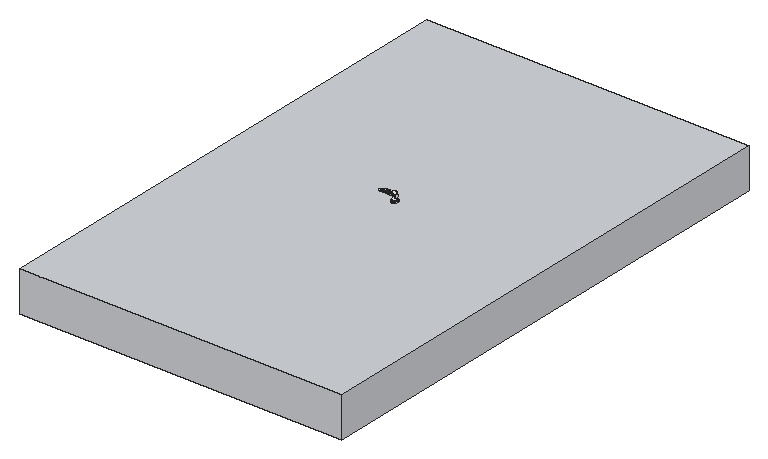
Revit family "Paper_Holder-GROHE-Seabury-40160_Series", category Generic Models, host Face, Revit 2014
Parameters (values of type "40160000")
  Width = 5 5/8"  # constant formula
  Warranty Documentation Link = "https://cdn.cloud.grohe.com/tpi/1000/1900/1940/1949/1949006/original/1949006.pdf"
  URL = "https://www.grohe.com"
  Type Comments = ""
  Shipping Weight = 1.102 lbf
  Product Page URL = "https://www.grohe.ca/en_ca/toilet-paper-holder-40160000.html"
  Price = "Prices may vary. Please consult Manufacturer Representative for most up-to-date price list."  # constant formula
  Model = "40160000"
  Material = "Metal-Grohe-000-Chrome"
  Manufacturer = "Grohe"
  Length = 3 5/8"  # constant formula
  Installation Type = "Wall Mounted"
  Height = 3 7/8"  # constant formula
  Finish = Metal-Grohe-000-Chrome
  Description = "Seabury Toilet paper holder"  # constant formula
  Default Elevation = 24"  # constant formula
  Creation Date = "07/27/2017"  # constant formula
  Assembly Code = "D2010710"
Types (4): name | Shipping Weight | Product Page URL | Model | Material | Finish
  40160000 | 1.102 lbf | "https://www.grohe.ca/en_ca/toilet-paper-holder-40160000.html" | "40160000" | "Metal-Grohe-000-Chrome" | Metal-Grohe-000-Chrome
  40160EN0 | 1.609 lbf | "https://www.grohe.ca/en_ca/toilet-paper-holder-40160EN0.html" | "40160EN0" | "Metal-Grohe-EN0-Brushed Nickel" | Metal-Grohe-EN0-Brushed Nickel
  40160BE0 | 1.609 lbf | "https://www.grohe.ca/en_ca/toilet-paper-holder-40160BE0.html" | "40160BE0" | "Metal-Grohe-BE0-Nickel" | Metal-Grohe-BE0-Nickel
  40160ZB0 | 1.609 lbf | "https://www.grohe.ca/en_ca/toilet-paper-holder-40160ZB0.html" | "40160ZB0" | "Metal-Grohe-ZB0-Oil Rubbed Bronze" | Metal-Grohe-ZB0-Oil Rubbed Bronze
Reference planes (in)
  plane 1 "Center (Front/Back)": y = 0
  plane 2: z = 0
  plane 3 "Center (Left/Right)": x = 0
  plane 4: x = -69.52762
  plane 5: z = 2.6875
Forms (in)
  Extrusion 1, solid
    sketch origin (0, 0, 0) x (1, 0, 0) y (0, 1, 0)
      loop
        line (-48, 72) -> (-48, -79.70833) -> (48, -79.70833) -> (48, 72) -> (-48, 72)
    from 0 to -12
  Revolve 2, solid, material "Metal-Grohe-000-Chrome" <- "Finish"
    sketch origin (0, 0, 0) x (1, 0, 0) y (0, 0, 1)
      loop
        arc (0.93542, 0.14752) -> (0.78931, 0.23107) -> (0.67289, 0.35264) r 0.5873
        arc (0.67289, 0.35264) -> (0.69887, 0.36716) -> (0.69846, 0.39692) r 0.02907
        arc (0.69846, 0.39692) -> (0.43053, 1.08396) -> (0.42158, 1.82134) r 2.06127
        line (0.42158, 1.82134) -> (0.37849, 1.86443)
        arc (0.37849, 1.86443) -> (0.45296, 2.39723) -> (0, 2.6875) r 0.49856
        line (0, 2.6875) -> (0, 0) -> (0.93542, 0) -> (0.93542, 0.14752)
      axis (0, 0) -> (0, 2.6875)
    angle from 0 to 360
  Sweep 3, solid, material "Metal-Grohe-000-Chrome" <- "Finish"
    path origin (0, -0.80133, 0.35534) x (1, 0, 0) y (0, 0.913527, -0.406777)
      loop
        line (0, 0) -> (-2.05464, 0)
        arc (-2.05464, 0) -> (-2.55543, -0.20743) -> (-2.76286, -0.70822) r 0.70822
        line (-2.76286, -0.70822) -> (-2.76286, -2.03923)
        arc (-2.76286, -2.03923) -> (-2.55697, -2.53629) -> (-2.05991, -2.74217) r 0.70294
        line (-2.05991, -2.74217) -> (2.34718, -2.74217)
    profile origin (-1.02732, -0.80133, 0.35534) x (0, -0.913527, 0.406777) y (0, 0.406777, 0.913527)
      loop
        circle (0, 1.96996) r 0.18717
  Extrusion 4, solid, material "Metal-Grohe-000-Chrome" <- "Finish"
    sketch origin (0, -0.80133, 0.35534) x (0, 0.913527, -0.406777) y (0, 0.406777, 0.913527)
      loop
        circle (-2.74217, 1.96996) r 0.35253
    from 2.34718 to 2.68592
Cuts and joins
  joined: Revolve 2, Sweep 3, Extrusion 4
Lines and regions (in)
  Masking region 1
    outline origin (0, 0, 0) x (1, 0, 0) y (0, 0, 1)
      loop
        line (0.93542, 0) -> (0.93542, 0.14752)
        arc (0.93542, 0.14752) -> (0.78862, 0.23162) -> (0.6715, 0.35372) r 0.59364
        arc (0.6715, 0.35372) -> (0.69689, 0.36618) -> (0.69992, 0.3943) r 0.0293
        arc (0.69992, 0.3943) -> (0.42843, 1.08201) -> (0.42158, 1.82134) r 2.0275
        line (0.42158, 1.82134) -> (0.37849, 1.86443)
        arc (0.37849, 1.86443) -> (0.24299, 2.6245) -> (-0.47502, 2.34073) r 0.49864
        line (-0.47502, 2.34073) -> (-2.11797, 2.34073)
        arc (-2.11797, 2.34073) -> (-2.3534, 2.37246) -> (-2.57315, 2.4627) r 0.93157
        line (-2.57315, 2.4627) -> (-2.57315, 2.9627)
        arc (-2.57315, 2.9627) -> (-2.37146, 3.0525) -> (-2.15282, 3.08323) r 0.79321
        line (-2.15282, 3.08323) -> (2.34718, 3.08323) -> (2.34718, 2.91787) -> (2.68592, 2.91787) -> (2.68592, 3.62293) -> (2.34718, 3.62293) -> (2.34718, 3.45757) -> (-2.13, 3.45757)
        arc (-2.13, 3.45757) -> (-2.39032, 3.42905) -> (-2.63924, 3.34805) r 1.25037
        arc (-2.63924, 3.34805) -> (-2.84886, 3.22282) -> (-2.9515, 3.00126) r 0.41415
        line (-2.9515, 3.00126) -> (-2.9515, 2.44358)
        arc (-2.9515, 2.44358) -> (-2.93816, 2.33494) -> (-2.87854, 2.24314) r 0.24329
        arc (-2.87854, 2.24314) -> (-2.56445, 2.03916) -> (-2.19682, 1.9677) r 0.98139
        line (-2.19682, 1.9677) -> (-0.44682, 1.9677)
        arc (-0.44682, 1.9677) -> (-0.41587, 1.91394) -> (-0.37849, 1.86443) r 0.49864
        line (-0.37849, 1.86443) -> (-0.42158, 1.82134)
        arc (-0.42158, 1.82134) -> (-0.42843, 1.08201) -> (-0.69992, 0.3943) r 2.0275
        arc (-0.69992, 0.3943) -> (-0.69689, 0.36618) -> (-0.6715, 0.35372) r 0.0293
        arc (-0.6715, 0.35372) -> (-0.78862, 0.23162) -> (-0.93542, 0.14752) r 0.59364
        line (-0.93542, 0.14752) -> (-0.93542, 0) -> (0.93542, 0)
  symbolic lines, detail levels medium+fine
    curve 1: arc (-0.47502, 0, 2.34073) -> (-0.43343, 0, 2.1563) -> (-0.44682, 0, 1.9677) r 0.64835
  symbolic lines, detail levels fine
    curve 2: line (2.34718, 0, 3.45757) -> (2.34718, 0, 3.08323)
    curve 3: line (0.37849, 0, 1.86443) -> (-0.37849, 0, 1.86443)
    curve 4: line (0.42158, 0, 1.82134) -> (-0.42158, 0, 1.82134)
    curve 5: line (0.67289, 0, 0.35264) -> (-0.67228, 0, 0.35264)
    curve 6: line (0.93542, 0, 0.14752) -> (-0.93542, 0, 0.14752)
Dimensions and locks (in)
  level to plane 5 = 2 11/16"
  aligned and locked: plane 2 to Extrusion 1
  aligned and locked: level to Extrusion 1
